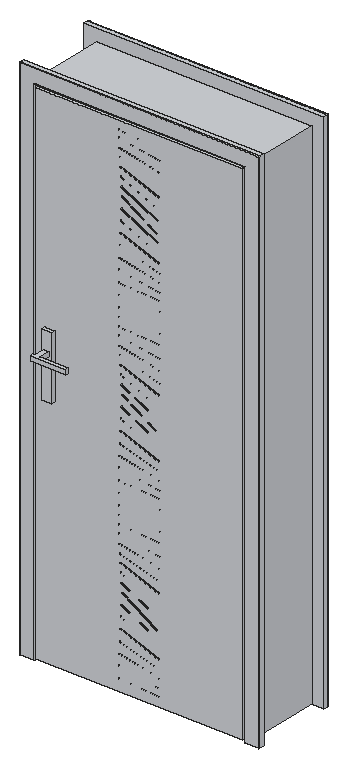
Revit family "PortaVECTORbp_F", category Drzwi, Revit 2016
Family settings
  Obiekt nadrzędny = Ściana
  Zawsze pionowo = Tak
  Tnij formami wycięć po wczytaniu = Nie
  Współdzielony = Nie
  Punkt obliczania pomieszczeń = Nie
Parameters (values of type "PN 80")
  Zakres szerokości muru [instance] = if(and(Szerokość ściany > 94 mm, Szerokość ściany < 120 mm), "B", (if(and(Szerokość ściany > 119 mm, Szerokość ściany < 140 mm), "C", (if(and(Szerokość ściany > 139 mm, Szerokość ściany < 160 mm), "D", (if(and(Szerokość ściany > 159 mm, Szerokość ściany < 180 mm), "E", (if(and(Szerokość ściany > 179 mm, Szerokość ściany < 200 mm), "F", (if(and(Szerokość ściany > 199 mm, Szerokość ściany < 220 mm), "G", (if(and(Szerokość ściany > 219 mm, Szerokość ściany < 240 mm), "H", (if(and(Szerokość ściany > 239 mm, Szerokość ściany < 260 mm), "I", (if(and(Szerokość ściany > 259 mm, Szerokość ściany < 280 mm), "J", (if(and(Szerokość ściany > 279 mm, Szerokość ściany < 301 mm), "K", "BRAK")))))))))))))))))))  # "K"
  Wysokość brutto = 2060 mm
  Szerokość ściany [instance] = 300 mm
  Szerokość brutto = 880 mm
  Model = "Porta Vector F"
  Konstrukcja analityczna = "<Brak>"
  Funkcja = Wewnętrzna
  URL = "www.porta.com.pl"
  Ss = 818 mm
  Sb = 846 mm
  Producent = "PORTA KMI POLAND"
  Keynote = ""
  Opis = "Własność Porta KMI Poland, wszelkie prawa zastrzeżone."  # constant formula
  Wysokość = 2016 mm
  Zakończenie ściany = Wg obiektu nadrzędnego
  Szerokość = 800 mm
  Materiał_skrzydło [instance] = none
  Materiał_ościeżnica [instance] = none
  Materiał_klamka [instance] = none
  Hs = 2017 mm
Types (5, lengths in mm): name | Szerokość brutto | Ss | Sb | Szerokość
  PN 70 | 780 | 718 | 746 | 700
  PN 60 | 680 | 618 | 646 | 600
  PN 80 | 880 | 818 | 846 | 800
  PN 90 | 980 | 918 | 946 | 900
  PN 100 | 1080 | 1018 | 1046 | 1000
Reference planes
  plane 1: y = 0
  plane 2 "Środek (Lewa/Prawa)": x = 0
  plane 3 "Lewy": x = -440
  plane 4 "Prawy": x = 440
  plane 5: z = 2060
  plane 6 "Zewnętrzna": y = 150
  plane 7 "Wewnętrzna": y = -150
  plane 8 "skrzydło": y = -129
Forms (mm)
  Sweep 1, solid, material <- "Materiał_ościeżnica"
    path in 3D
      loop
        line (-440, -150, 0) -> (-440, -150, 2060) -> (440, -150, 2060) -> (440, -150, 0)
    profile origin (-440, -150, 1030) x (0, -1, 0) y (1, 0, 0)
      loop
        line (-24, 39) -> (-72, 39) -> (-72, 17) -> (0, 17) -> (0, -33) -> (16, -33)
        arc (16, -33) -> (18.121, -32.121) -> (19, -30) r 3
        line (19, -30) -> (19, 24)
        arc (19, 24) -> (18.121, 26.121) -> (16, 27) r 3
        line (16, 27) -> (-24, 27) -> (-24, 39)
  Sweep 2, solid, material <- "Materiał_ościeżnica"
    path in 3D
      loop
        line (440, 150, 0) -> (440, 150, 2060) -> (-440, 150, 2060) -> (-440, 150, 0)
    profile origin (-440, 150, 1030) x (1, 0, 0) y (0, 1, 0)
      loop
        line (-33, 0) -> (17, 0) -> (17, -228) -> (39, -228) -> (39, -1)
        arc (39, -1) -> (37.536, 2.536) -> (34, 4) r 5
        line (34, 4) -> (25, 4) -> (25, 16)
        arc (25, 16) -> (24.121, 18.121) -> (22, 19) r 3
        line (22, 19) -> (-30, 19)
        arc (-30, 19) -> (-32.121, 18.121) -> (-33, 16) r 3
        line (-33, 16) -> (-33, 0)
  Sweep 3, solid, not visible
    path in 3D
      loop
        line (-440, -150, 0) -> (-440, -150, 2060)
    profile origin (-440, -150, 1030) x (0, -1, 0) y (1, 0, 0)
      loop
        line (-151, 17) -> (-149, 17) -> (-149, 19) -> (-151, 19) -> (-151, 17)
Cuts and joins
  joined: Sweep 1, Sweep 2
Lines and regions (mm)
  Opening 1
    outline origin (-3050, -150, 0) x (1, 0, 0) y (0, 0, 1)
      loop
        line (2610, 0) -> (3490, 0) -> (3490, 2060) -> (2610, 2060) -> (2610, 0)
  sketch lines
    curve 1: line (-440, -150, 0) -> (-440, -150, 2060)
    curve 2: line (-440, -150, 2060) -> (440, -150, 2060)
    curve 3: line (440, -150, 2060) -> (440, -150, 0)
    curve 4: line (-440, 150, 2060) -> (-440, 150, 0)
    curve 5: line (440, 150, 2060) -> (-440, 150, 2060)
    curve 6: line (440, 150, 0) -> (440, 150, 2060)
    curve 12: line (-440, -150, 0) -> (-440, -150, 2060)
  symbolic lines, style "DoorsPanelProjection"
    curve 7: line (409, -150, 0) -> (409, -968, 0)
    curve 8: line (409, -968, 0) -> (369, -968, 0)
    curve 9: line (369, -968, 0) -> (369, -150, 0)
    curve 10: line (369, -150, 0) -> (409, -150, 0)
  symbolic lines, style "Ugięcie rzutu"
    curve 11: arc (-409, -150, 0) -> (-169.413, -728.413, 0) -> (409, -968, 0) r 818
Text (mm)
  text "Zewnętrzna" at (-2295.016, 1099.543, 0), in view "Poziom odniesienia"
  text "Zewnętrzna" at (0, 1615.38, 3698.081), in view "Lewy"
  text "Zewnętrzna" at (0, 1036.032, 3874.932), in view "Prawy"
Dimensions and locks
  equal spacing: plane 3 "Lewy", plane 2 "Środek (Lewa/Prawa)", plane 4 "Prawy"
  "Szerokość brutto": plane 3 "Lewy" to plane 4 "Prawy"
  "Wysokość brutto": plane 5 to host wall
  host wall to plane 5 = 2060 mm  (x2)
  locked: plane 6 "Zewnętrzna" to host wall at 0
  locked: plane 7 "Wewnętrzna" to host wall
  "Sb": Sweep 1 to Sweep 1
  locked: Sweep 1 sketch curve to Sweep 1 sketch curve at 22
  Sweep 1 sketch curve to Sweep 1 sketch curve = 50 mm
  locked: Sweep 1 sketch curve to profile plane at 72
  locked: Sweep 2 sketch curve to Sweep 2 sketch curve at 50
  locked: Sweep 2 sketch curve to Sweep 2 sketch curve at 22
  locked: Sweep 2 sketch curve to plane 6 "Zewnętrzna" at 1
  locked: curve 9 to curve 7 at 40
  "Ss": curve 8 to curve 10
  equal spacing: curve 11, plane 2 "Środek (Lewa/Prawa)", curve 7
  locked: plane 7 "Wewnętrzna" to plane 8 "skrzydło" at 21
  locked: host wall to Sweep 3 sketch curve at 1
  locked: Sweep 3 sketch curve to host wall at 1
  locked: Sweep 3 sketch curve to plane 6 "Zewnętrzna" at 151
  locked: plane 7 "Wewnętrzna" to Sweep 3 sketch curve at 151
  nested 1 to plane 2 "Środek (Lewa/Prawa)" to nested 1 = 409 mm, 409 mm
  locked: nested 1 to level at 8
  "Szerokość ściany": host wall to host wall
  aligned and locked: plane 3 "Lewy" to Opening 1 sketch curve
  aligned and locked: plane 5 to Opening 1 sketch curve  (x2)
  aligned and locked: Opening 1 sketch curve to plane 4 "Prawy"
  aligned and locked: Opening 1 sketch curve to level
  aligned and locked: plane 1 to host wall
  aligned and locked: Sweep 1 to Sweep 2 sketch curve
  aligned and locked: plane 7 "Wewnętrzna" to curve 10
  aligned and locked: Sweep 3 sketch curve to cut or joined group of Sweep 1, Sweep 2
  aligned and locked: Sweep 2 sketch curve to cut or joined group of Sweep 1, Sweep 2
  aligned and locked: nested 1 to plane 8 "skrzydło"
  aligned and locked: plane 2 "Środek (Lewa/Prawa)" to nested 1
Automatic sketch dimensions
  profile plane to Sweep 1 sketch curve = 24 mm
  Sweep 1 sketch curve to profile plane = 16 mm  (x2)
  Sweep 1 sketch curve to Sweep 1 sketch curve = 3 mm
  profile plane to Sweep 1 sketch curve = 17 mm
  Sweep 1 sketch curve to Sweep 1 sketch curve = 7 mm
  Sweep 1 sketch curve to profile plane = 0 mm
  Sweep 2 sketch curve to profile plane = 0 mm
  Sweep 2 sketch curve to profile plane = 16 mm
  Sweep 2 sketch curve to Sweep 2 sketch curve = 3 mm
  Sweep 2 sketch curve to Sweep 2 sketch curve = 5 mm
  Sweep 2 sketch curve to profile plane = 4 mm
  Sweep 2 sketch curve to Sweep 2 sketch curve = 8 mm
  curve 11 to host wall = 0 mm
  Sweep 3 sketch curve to Sweep 3 sketch curve = 2 mm
Nested families
  nested 1: "skrzydło" at (0, -135.5, 0), Materiał_klamka <- "Materiał_klamka", Materiał_skrzydło <- "Materiał_skrzydło", type "skrzydło"
    with Materiał_skrzydło none, Materiał_klamka none, Ss 818 mm
Definition of nested family "skrzydło"
  Parameters
    Ss = 918 mm
    Materiał_skrzydło [instance] = none
    Materiał_klamka [instance] = none
    Hs = 2017 mm
  Reference planes
    plane 1 "Tył": y = 6.5
    plane 2: z = 0
    plane 3 "Środek (Lewa/Prawa)": x = 0
    plane 4 "Przód": y = -33.5
    plane 5: z = 2025
    plane 6 "Centrum": y = -13.5
    plane 7: z = 8
    plane 8: x = -459
    plane 9: x = 459
  Forms (mm)
    Extrusion 1, solid, material <- "Materiał_skrzydło"
      sketch origin (-1191.728, -1524, 8) x (-1, 0, 0) y (0, -1, 0)
        loop
          line (-1650.728, -1490.5) -> (-1650.728, -1530.5) -> (-732.728, -1530.5) -> (-732.728, -1490.5) -> (-1650.728, -1490.5)
      from 0 to 2017
    Extrusion 2, void
      sketch origin (-2050.117, -33.5, 1200) x (1, 0, 0) y (0, 0, 1)
        loop
          line (2132.202, -1155.88) -> (1968.584, -1144.681) -> (1968.311, -1148.671) -> (2131.929, -1159.87) -> (2132.202, -1155.88)
        loop
          line (2131.871, -1122.557) -> (1969.454, -1100.29) -> (1968.911, -1104.253) -> (2131.328, -1126.52) -> (2131.871, -1122.557)
        loop
          line (2131.138, -1089.198) -> (1970.718, -1055.973) -> (1969.907, -1059.889) -> (2130.327, -1093.115) -> (2131.138, -1089.198)
        loop
          line (2130.016, -1055.777) -> (1972.37, -1011.753) -> (1971.294, -1015.606) -> (2128.94, -1059.629) -> (2130.016, -1055.777)
        loop
          line (2128.504, -1022.266) -> (1974.402, -967.66) -> (1973.066, -971.43) -> (2127.168, -1026.037) -> (2128.504, -1022.266)
        loop
          line (2126.615, -988.641) -> (1976.8, -923.718) -> (1975.21, -927.388) -> (2125.024, -992.312) -> (2126.615, -988.641)
        loop
          line (2124.348, -954.875) -> (1979.563, -879.951) -> (1977.725, -883.504) -> (2122.51, -958.427) -> (2124.348, -954.875)
        loop
          line (2121.727, -920.943) -> (1982.669, -836.384) -> (1980.591, -839.802) -> (2119.648, -924.361) -> (2121.727, -920.943)
        loop
          line (2124.348, -877.107) -> (1979.563, -802.183) -> (1977.725, -805.736) -> (2122.51, -880.659) -> (2124.348, -877.107)
        loop
          line (2126.615, -833.104) -> (1976.8, -768.181) -> (1975.21, -771.851) -> (2125.024, -836.775) -> (2126.615, -833.104)
        loop
          line (2128.504, -788.962) -> (1974.402, -734.355) -> (1973.066, -738.126) -> (2127.168, -792.732) -> (2128.504, -788.962)
        loop
          line (2130.016, -744.704) -> (1972.37, -700.68) -> (1971.294, -704.533) -> (2128.94, -748.556) -> (2130.016, -744.704)
        loop
          line (2131.138, -700.357) -> (1970.718, -667.131) -> (1969.907, -671.048) -> (2130.327, -704.273) -> (2131.138, -700.357)
        loop
          line (2131.871, -655.947) -> (1969.454, -633.68) -> (1968.911, -637.643) -> (2131.328, -659.91) -> (2131.871, -655.947)
        loop
          line (2132.202, -611.501) -> (1968.584, -600.302) -> (1968.311, -604.292) -> (2131.929, -615.491) -> (2132.202, -611.501)
        loop
          line (2132.131, -567.046) -> (1968.107, -566.969) -> (1968.105, -570.969) -> (2132.129, -571.046) -> (2132.131, -567.046)
        loop
          line (2131.664, -522.609) -> (1968.031, -533.655) -> (1968.301, -537.646) -> (2131.934, -526.6) -> (2131.664, -522.609)
        loop
          line (2132.131, -489.278) -> (1968.107, -489.201) -> (1968.105, -493.201) -> (2132.129, -493.278) -> (2132.131, -489.278)
        loop
          line (2132.202, -455.964) -> (1968.584, -444.765) -> (1968.311, -448.756) -> (2131.929, -459.954) -> (2132.202, -455.964)
        loop
          line (2131.871, -422.641) -> (1969.454, -400.375) -> (1968.911, -404.338) -> (2131.328, -426.604) -> (2131.871, -422.641)
        loop
          line (2131.138, -389.283) -> (1970.718, -356.057) -> (1969.907, -359.974) -> (2130.327, -393.2) -> (2131.138, -389.283)
        loop
          line (2130.016, -355.862) -> (1972.37, -311.838) -> (1971.294, -315.691) -> (2128.94, -359.714) -> (2130.016, -355.862)
        loop
          line (2128.504, -322.351) -> (1974.402, -267.745) -> (1973.066, -271.515) -> (2127.168, -326.121) -> (2128.504, -322.351)
        loop
          line (2126.615, -288.726) -> (1976.8, -223.803) -> (1975.21, -227.473) -> (2125.024, -292.396) -> (2126.615, -288.726)
        loop
          line (2124.348, -254.96) -> (1979.563, -180.036) -> (1977.725, -183.589) -> (2122.51, -258.512) -> (2124.348, -254.96)
        loop
          line (2121.727, -221.028) -> (1982.669, -136.468) -> (1980.591, -139.886) -> (2119.648, -224.445) -> (2121.727, -221.028)
        loop
          line (1979.563, -102.267) -> (1977.725, -105.82) -> (2122.51, -180.744) -> (2124.348, -177.191) -> (1979.563, -102.267)
        loop
          line (2126.615, -133.188) -> (1976.8, -68.265) -> (1975.21, -71.935) -> (2125.024, -136.859) -> (2126.615, -133.188)
        loop
          line (2128.504, -89.046) -> (1974.402, -34.44) -> (1973.066, -38.21) -> (2127.168, -92.816) -> (2128.504, -89.046)
        loop
          line (2130.016, -44.788) -> (1972.37, -0.765) -> (1971.294, -4.618) -> (2128.94, -48.641) -> (2130.016, -44.788)
        loop
          line (2131.138, -0.441) -> (1970.718, 32.785) -> (1969.907, 28.868) -> (2130.327, -4.358) -> (2131.138, -0.441)
        loop
          line (2131.871, 43.969) -> (1969.454, 66.236) -> (1968.911, 62.273) -> (2131.328, 40.006) -> (2131.871, 43.969)
        loop
          line (2132.202, 88.415) -> (1968.584, 99.614) -> (1968.311, 95.623) -> (2131.929, 84.425) -> (2132.202, 88.415)
        loop
          line (2132.131, 132.87) -> (1968.107, 132.946) -> (1968.105, 128.946) -> (2132.129, 128.87) -> (2132.131, 132.87)
        loop
          line (2131.664, 177.306) -> (1968.031, 166.26) -> (1968.301, 162.269) -> (2131.934, 173.315) -> (2131.664, 177.306)
        loop
          line (2132.131, 210.639) -> (1968.107, 210.715) -> (1968.105, 206.715) -> (2132.129, 206.639) -> (2132.131, 210.639)
        loop
          line (2132.202, 243.952) -> (1968.584, 255.151) -> (1968.311, 251.161) -> (2131.929, 239.962) -> (2132.202, 243.952)
        loop
          line (2131.871, 277.275) -> (1969.454, 299.541) -> (1968.911, 295.578) -> (2131.328, 273.312) -> (2131.871, 277.275)
        loop
          line (2131.138, 310.633) -> (1970.718, 343.859) -> (1969.907, 339.942) -> (2130.327, 306.716) -> (2131.138, 310.633)
        loop
          line (2130.016, 344.054) -> (1972.37, 388.077) -> (1971.294, 384.224) -> (2128.94, 340.201) -> (2130.016, 344.054)
        loop
          line (2128.504, 377.565) -> (1974.402, 432.171) -> (1973.066, 428.401) -> (2127.168, 373.795) -> (2128.504, 377.565)
        loop
          line (2126.615, 411.19) -> (1976.8, 476.113) -> (1975.21, 472.443) -> (2125.024, 407.52) -> (2126.615, 411.19)
        loop
          line (2124.348, 444.957) -> (1979.563, 519.88) -> (1977.725, 516.328) -> (2122.51, 441.404) -> (2124.348, 444.957)
        loop
          line (2121.727, 478.888) -> (1982.669, 563.447) -> (1980.591, 560.03) -> (2119.648, 475.47) -> (2121.727, 478.888)
        loop
          line (2124.348, 522.724) -> (1979.563, 597.648) -> (1977.725, 594.095) -> (2122.51, 519.172) -> (2124.348, 522.724)
        loop
          line (2126.615, 566.726) -> (1976.8, 631.65) -> (1975.21, 627.979) -> (2125.024, 563.056) -> (2126.615, 566.726)
        loop
          line (2128.504, 610.869) -> (1974.402, 665.476) -> (1973.066, 661.705) -> (2127.168, 607.099) -> (2128.504, 610.869)
        loop
          line (2130.016, 655.128) -> (1972.37, 699.152) -> (1971.294, 695.299) -> (2128.94, 651.276) -> (2130.016, 655.128)
        loop
          line (2131.138, 699.475) -> (1970.718, 732.701) -> (1969.907, 728.784) -> (2130.327, 695.558) -> (2131.138, 699.475)
        loop
          line (2131.871, 743.885) -> (1969.454, 766.152) -> (1968.911, 762.189) -> (2131.328, 739.922) -> (2131.871, 743.885)
        loop
          line (2131.929, 784.34) -> (1968.311, 795.539) -> (1968.037, 791.548) -> (2131.656, 780.349) -> (2131.929, 784.34)
      from -1 to 10
    Extrusion 3, void
      sketch origin (-2050.117, 6.5, 1200) x (1, 0, 0) y (0, 0, -1)
        loop
          line (2132.202, 1155.88) -> (2131.929, 1159.87) -> (1968.311, 1148.671) -> (1968.584, 1144.681) -> (2132.202, 1155.88)
        loop
          line (2131.871, 1122.557) -> (2131.328, 1126.52) -> (1968.911, 1104.253) -> (1969.454, 1100.29) -> (2131.871, 1122.557)
        loop
          line (2131.138, 1089.198) -> (2130.327, 1093.115) -> (1969.907, 1059.889) -> (1970.718, 1055.973) -> (2131.138, 1089.198)
        loop
          line (2130.016, 1055.777) -> (2128.94, 1059.629) -> (1971.294, 1015.606) -> (1972.37, 1011.753) -> (2130.016, 1055.777)
        loop
          line (2128.504, 1022.266) -> (2127.168, 1026.037) -> (1973.066, 971.43) -> (1974.402, 967.66) -> (2128.504, 1022.266)
        loop
          line (2126.615, 988.641) -> (2125.024, 992.312) -> (1975.21, 927.388) -> (1976.8, 923.718) -> (2126.615, 988.641)
        loop
          line (2124.348, 954.875) -> (2122.51, 958.427) -> (1977.725, 883.504) -> (1979.563, 879.951) -> (2124.348, 954.875)
        loop
          line (2121.727, 920.943) -> (2119.648, 924.361) -> (1980.591, 839.802) -> (1982.669, 836.384) -> (2121.727, 920.943)
        loop
          line (2124.348, 877.107) -> (2122.51, 880.659) -> (1977.725, 805.736) -> (1979.563, 802.183) -> (2124.348, 877.107)
        loop
          line (2126.615, 833.104) -> (2125.024, 836.775) -> (1975.21, 771.851) -> (1976.8, 768.181) -> (2126.615, 833.104)
        loop
          line (2128.504, 788.962) -> (2127.168, 792.732) -> (1973.066, 738.126) -> (1974.402, 734.355) -> (2128.504, 788.962)
        loop
          line (2130.016, 744.704) -> (2128.94, 748.556) -> (1971.294, 704.533) -> (1972.37, 700.68) -> (2130.016, 744.704)
        loop
          line (2131.138, 700.357) -> (2130.327, 704.273) -> (1969.907, 671.048) -> (1970.718, 667.131) -> (2131.138, 700.357)
        loop
          line (2131.871, 655.947) -> (2131.328, 659.91) -> (1968.911, 637.643) -> (1969.454, 633.68) -> (2131.871, 655.947)
        loop
          line (2132.202, 611.501) -> (2131.929, 615.491) -> (1968.311, 604.292) -> (1968.584, 600.302) -> (2132.202, 611.501)
        loop
          line (2132.131, 567.046) -> (2132.129, 571.046) -> (1968.105, 570.969) -> (1968.107, 566.969) -> (2132.131, 567.046)
        loop
          line (2131.664, 522.609) -> (2131.934, 526.6) -> (1968.301, 537.646) -> (1968.031, 533.655) -> (2131.664, 522.609)
        loop
          line (2132.131, 489.278) -> (2132.129, 493.278) -> (1968.105, 493.201) -> (1968.107, 489.201) -> (2132.131, 489.278)
        loop
          line (2132.202, 455.964) -> (2131.929, 459.954) -> (1968.311, 448.756) -> (1968.584, 444.765) -> (2132.202, 455.964)
        loop
          line (2131.871, 422.641) -> (2131.328, 426.604) -> (1968.911, 404.338) -> (1969.454, 400.375) -> (2131.871, 422.641)
        loop
          line (2131.138, 389.283) -> (2130.327, 393.2) -> (1969.907, 359.974) -> (1970.718, 356.057) -> (2131.138, 389.283)
        loop
          line (2130.016, 355.862) -> (2128.94, 359.714) -> (1971.294, 315.691) -> (1972.37, 311.838) -> (2130.016, 355.862)
        loop
          line (2128.504, 322.351) -> (2127.168, 326.121) -> (1973.066, 271.515) -> (1974.402, 267.745) -> (2128.504, 322.351)
        loop
          line (2126.615, 288.726) -> (2125.024, 292.396) -> (1975.21, 227.473) -> (1976.8, 223.803) -> (2126.615, 288.726)
        loop
          line (2124.348, 254.96) -> (2122.51, 258.512) -> (1977.725, 183.589) -> (1979.563, 180.036) -> (2124.348, 254.96)
        loop
          line (2121.727, 221.028) -> (2119.648, 224.445) -> (1980.591, 139.886) -> (1982.669, 136.468) -> (2121.727, 221.028)
        loop
          line (1979.563, 102.267) -> (2124.348, 177.191) -> (2122.51, 180.744) -> (1977.725, 105.82) -> (1979.563, 102.267)
        loop
          line (2126.615, 133.188) -> (2125.024, 136.859) -> (1975.21, 71.935) -> (1976.8, 68.265) -> (2126.615, 133.188)
        loop
          line (2128.504, 89.046) -> (2127.168, 92.816) -> (1973.066, 38.21) -> (1974.402, 34.44) -> (2128.504, 89.046)
        loop
          line (2130.016, 44.788) -> (2128.94, 48.641) -> (1971.294, 4.618) -> (1972.37, 0.765) -> (2130.016, 44.788)
        loop
          line (2131.138, 0.441) -> (2130.327, 4.358) -> (1969.907, -28.868) -> (1970.718, -32.785) -> (2131.138, 0.441)
        loop
          line (2131.871, -43.969) -> (2131.328, -40.006) -> (1968.911, -62.273) -> (1969.454, -66.236) -> (2131.871, -43.969)
        loop
          line (2132.202, -88.415) -> (2131.929, -84.425) -> (1968.311, -95.623) -> (1968.584, -99.614) -> (2132.202, -88.415)
        loop
          line (2132.131, -132.87) -> (2132.129, -128.87) -> (1968.105, -128.946) -> (1968.107, -132.946) -> (2132.131, -132.87)
        loop
          line (2131.664, -177.306) -> (2131.934, -173.315) -> (1968.301, -162.269) -> (1968.031, -166.26) -> (2131.664, -177.306)
        loop
          line (2132.131, -210.639) -> (2132.129, -206.639) -> (1968.105, -206.715) -> (1968.107, -210.715) -> (2132.131, -210.639)
        loop
          line (2132.202, -243.952) -> (2131.929, -239.962) -> (1968.311, -251.161) -> (1968.584, -255.151) -> (2132.202, -243.952)
        loop
          line (2131.871, -277.275) -> (2131.328, -273.312) -> (1968.911, -295.578) -> (1969.454, -299.541) -> (2131.871, -277.275)
        loop
          line (2131.138, -310.633) -> (2130.327, -306.716) -> (1969.907, -339.942) -> (1970.718, -343.859) -> (2131.138, -310.633)
        loop
          line (2130.016, -344.054) -> (2128.94, -340.201) -> (1971.294, -384.224) -> (1972.37, -388.077) -> (2130.016, -344.054)
        loop
          line (2128.504, -377.565) -> (2127.168, -373.795) -> (1973.066, -428.401) -> (1974.402, -432.171) -> (2128.504, -377.565)
        loop
          line (2126.615, -411.19) -> (2125.024, -407.52) -> (1975.21, -472.443) -> (1976.8, -476.113) -> (2126.615, -411.19)
        loop
          line (2124.348, -444.957) -> (2122.51, -441.404) -> (1977.725, -516.328) -> (1979.563, -519.88) -> (2124.348, -444.957)
        loop
          line (2121.727, -478.888) -> (2119.648, -475.47) -> (1980.591, -560.03) -> (1982.669, -563.447) -> (2121.727, -478.888)
        loop
          line (2124.348, -522.724) -> (2122.51, -519.172) -> (1977.725, -594.095) -> (1979.563, -597.648) -> (2124.348, -522.724)
        loop
          line (2126.615, -566.726) -> (2125.024, -563.056) -> (1975.21, -627.979) -> (1976.8, -631.65) -> (2126.615, -566.726)
        loop
          line (2128.504, -610.869) -> (2127.168, -607.099) -> (1973.066, -661.705) -> (1974.402, -665.476) -> (2128.504, -610.869)
        loop
          line (2130.016, -655.128) -> (2128.94, -651.276) -> (1971.294, -695.299) -> (1972.37, -699.152) -> (2130.016, -655.128)
        loop
          line (2131.138, -699.475) -> (2130.327, -695.558) -> (1969.907, -728.784) -> (1970.718, -732.701) -> (2131.138, -699.475)
        loop
          line (2131.871, -743.885) -> (2131.328, -739.922) -> (1968.911, -762.189) -> (1969.454, -766.152) -> (2131.871, -743.885)
        loop
          line (2131.929, -784.34) -> (2131.656, -780.349) -> (1968.037, -791.548) -> (1968.311, -795.539) -> (2131.929, -784.34)
      from -1 to 10
  Cuts and joins
    Extrusion 2, Extrusion 3 cuts Extrusion 1
  Dimensions and locks
    locked: plane 7 to level at 8
    "Hs": plane 5 to plane 7
    locked: nested 1 to plane 7 at 934
    locked: plane 7 to nested 2 at 934
    equal spacing: plane 4 "Przód", plane 6 "Centrum", plane 1 "Tył"
    equal spacing: plane 8, plane 3 "Środek (Lewa/Prawa)", plane 9
    "Ss": plane 8 to plane 9
    locked: plane 8 to nested 1 at 55
    locked: plane 8 to nested 2 at 55
    aligned and locked: nested 1 to plane 4 "Przód"
    aligned and locked: plane 5 to Extrusion 1
    aligned and locked: nested 2 to nested 1
    aligned and locked: Extrusion 1 sketch curve to plane 8
    aligned and locked: Extrusion 1 sketch curve to plane 9
  Automatic sketch dimensions
    plane 1 "Tył" to Extrusion 1 sketch curve = 0 mm
    Extrusion 1 sketch curve to plane 4 "Przód" = 0 mm
    Extrusion 2 sketch curve to plane 3 "Środek (Lewa/Prawa)" = 82.086 mm  (x2)
    Extrusion 2 sketch curve to plane 5 = 33.452 mm
    Extrusion 2 sketch curve to plane 3 "Środek (Lewa/Prawa)" = 82.08 mm
    Extrusion 2 sketch curve to Extrusion 2 sketch curve = 0.074 mm  (x4)
    Extrusion 2 sketch curve to Extrusion 2 sketch curve = 0.002 mm  (x4)
    Extrusion 2 sketch curve to Extrusion 2 sketch curve = 0.269 mm  (x2)
    Extrusion 2 sketch curve to Extrusion 2 sketch curve = 0.205 mm  (x2)
    Extrusion 2 sketch curve to Extrusion 2 sketch curve = 0.203 mm  (x2)
    Extrusion 2 sketch curve to plane 5 = 29.461 mm
    Extrusion 2 sketch curve to Extrusion 2 sketch curve = 0.273 mm  (x6)
    Extrusion 2 sketch curve to plane 3 "Środek (Lewa/Prawa)" = 81.807 mm
    plane 7 to Extrusion 2 sketch curve = 47.319 mm
    Extrusion 2 sketch curve to Extrusion 2 sketch curve = 0.327 mm  (x3)
    Extrusion 2 sketch curve to Extrusion 2 sketch curve = 0.601 mm  (x5)
    Extrusion 2 sketch curve to Extrusion 2 sketch curve = 0.874 mm
    Extrusion 2 sketch curve to Extrusion 2 sketch curve = 0.543 mm  (x6)
    Extrusion 2 sketch curve to plane 5 = 58.848 mm
    Extrusion 2 sketch curve to Extrusion 2 sketch curve = 0.453 mm  (x3)
    Extrusion 2 sketch curve to Extrusion 2 sketch curve = 0.996 mm  (x3)
    Extrusion 2 sketch curve to Extrusion 2 sketch curve = 0.811 mm  (x6)
    Extrusion 2 sketch curve to Extrusion 2 sketch curve = 1.387 mm  (x6)
    Extrusion 2 sketch curve to Extrusion 2 sketch curve = 0.575 mm  (x3)
    Extrusion 2 sketch curve to Extrusion 2 sketch curve = 1.076 mm  (x6)
    Extrusion 2 sketch curve to Extrusion 2 sketch curve = 1.772 mm  (x6)
    Extrusion 2 sketch curve to Extrusion 2 sketch curve = 0.697 mm  (x3)
    Extrusion 2 sketch curve to Extrusion 2 sketch curve = 1.336 mm  (x6)
    Extrusion 2 sketch curve to Extrusion 2 sketch curve = 2.144 mm  (x6)
    Extrusion 2 sketch curve to Extrusion 2 sketch curve = 0.808 mm  (x3)
    Extrusion 2 sketch curve to Extrusion 2 sketch curve = 1.591 mm  (x6)
    Extrusion 2 sketch curve to Extrusion 2 sketch curve = 0.924 mm  (x3)
    Extrusion 2 sketch curve to Extrusion 2 sketch curve = 2.515 mm  (x6)
    Extrusion 2 sketch curve to Extrusion 2 sketch curve = 1.838 mm  (x6)
    Extrusion 2 sketch curve to Extrusion 2 sketch curve = 2.866 mm  (x3)
    Extrusion 2 sketch curve to Extrusion 2 sketch curve = 2.078 mm  (x3)
    plane 3 "Środek (Lewa/Prawa)" to Extrusion 2 sketch curve = 69.531 mm  (x3)
    Extrusion 2 sketch curve to Extrusion 2 sketch curve = 0.783 mm  (x3)
    Extrusion 2 sketch curve to Extrusion 2 sketch curve = 2.861 mm  (x3)
    Extrusion 2 sketch curve to Extrusion 2 sketch curve = 0.676 mm  (x3)
    Extrusion 2 sketch curve to Extrusion 2 sketch curve = 0.553 mm  (x3)
    Extrusion 2 sketch curve to Extrusion 2 sketch curve = 0.436 mm  (x3)
    Extrusion 2 sketch curve to Extrusion 2 sketch curve = 0.311 mm  (x3)
    Extrusion 2 sketch curve to Extrusion 2 sketch curve = 1.001 mm  (x3)
    Extrusion 2 sketch curve to Extrusion 2 sketch curve = 0.19 mm  (x3)
    Extrusion 2 sketch curve to plane 5 = 44.651 mm
    plane 3 "Środek (Lewa/Prawa)" to Extrusion 2 sketch curve = 81.547 mm  (x2)
    Extrusion 2 sketch curve to Extrusion 2 sketch curve = 0.057 mm  (x2)
    Extrusion 2 sketch curve to Extrusion 2 sketch curve = 0.465 mm  (x2)
    Extrusion 2 sketch curve to Extrusion 2 sketch curve = 0.073 mm  (x2)
    Extrusion 2 sketch curve to Extrusion 2 sketch curve = 3.991 mm  (x7)
    Extrusion 2 sketch curve to Extrusion 2 sketch curve = 29.36 mm  (x2)
    Extrusion 2 sketch curve to Extrusion 2 sketch curve = 3.963 mm  (x5)
    Extrusion 2 sketch curve to Extrusion 2 sketch curve = 29.442 mm  (x3)
    Extrusion 2 sketch curve to Extrusion 2 sketch curve = 3.917 mm  (x6)
    Extrusion 2 sketch curve to Extrusion 2 sketch curve = 29.569 mm  (x2)
    Extrusion 2 sketch curve to Extrusion 2 sketch curve = 3.853 mm  (x6)
    Extrusion 2 sketch curve to Extrusion 2 sketch curve = 29.74 mm  (x2)
    Extrusion 2 sketch curve to Extrusion 2 sketch curve = 3.77 mm  (x6)
    Extrusion 2 sketch curve to Extrusion 2 sketch curve = 29.955 mm  (x3)
    Extrusion 2 sketch curve to Extrusion 2 sketch curve = 3.67 mm  (x6)
    Extrusion 2 sketch curve to Extrusion 2 sketch curve = 30.214 mm  (x3)
    Extrusion 2 sketch curve to Extrusion 2 sketch curve = 3.553 mm  (x6)
    Extrusion 2 sketch curve to Extrusion 2 sketch curve = 30.514 mm  (x3)
    Extrusion 2 sketch curve to Extrusion 2 sketch curve = 3.418 mm  (x3)
    Extrusion 2 sketch curve to Extrusion 2 sketch curve = 40.284 mm  (x3)
    Extrusion 2 sketch curve to Extrusion 2 sketch curve = 40.332 mm  (x3)
    Extrusion 2 sketch curve to Extrusion 2 sketch curve = 40.373 mm  (x2)
    Extrusion 2 sketch curve to Extrusion 2 sketch curve = 40.405 mm  (x2)
    Extrusion 2 sketch curve to Extrusion 2 sketch curve = 40.43 mm  (x2)
    Extrusion 2 sketch curve to Extrusion 2 sketch curve = 40.447 mm  (x2)
    Extrusion 2 sketch curve to Extrusion 2 sketch curve = 40.455 mm  (x5)
    Extrusion 2 sketch curve to Extrusion 2 sketch curve = 29.333 mm
    Extrusion 2 sketch curve to Extrusion 2 sketch curve = 29.323 mm  (x4)
    Extrusion 2 sketch curve to Extrusion 2 sketch curve = 29.332 mm  (x3)
    Extrusion 2 sketch curve to Extrusion 2 sketch curve = 40.454 mm
    Extrusion 2 sketch curve to Extrusion 2 sketch curve = 40.372 mm
    Extrusion 2 sketch curve to Extrusion 2 sketch curve = 40.431 mm
    Extrusion 2 sketch curve to Extrusion 2 sketch curve = 29.359 mm
    Extrusion 2 sketch curve to Extrusion 2 sketch curve = 29.568 mm
    Extrusion 2 sketch curve to Extrusion 2 sketch curve = 29.741 mm
    Extrusion 2 sketch curve to Extrusion 2 sketch curve = 40.406 mm
    Extrusion 2 sketch curve to Extrusion 2 sketch curve = 40.427 mm
    Extrusion 3 sketch curve to plane 3 "Środek (Lewa/Prawa)" = 82.086 mm  (x2)
    Extrusion 3 sketch curve to plane 5 = 33.452 mm
    Extrusion 3 sketch curve to plane 3 "Środek (Lewa/Prawa)" = 82.08 mm
    Extrusion 3 sketch curve to Extrusion 3 sketch curve = 0.074 mm  (x4)
    Extrusion 3 sketch curve to Extrusion 3 sketch curve = 0.002 mm  (x4)
    Extrusion 3 sketch curve to Extrusion 3 sketch curve = 0.269 mm  (x2)
    Extrusion 3 sketch curve to Extrusion 3 sketch curve = 0.205 mm  (x2)
    Extrusion 3 sketch curve to Extrusion 3 sketch curve = 0.203 mm  (x2)
    Extrusion 3 sketch curve to plane 5 = 29.461 mm
    Extrusion 3 sketch curve to Extrusion 3 sketch curve = 0.273 mm  (x6)
    Extrusion 3 sketch curve to plane 3 "Środek (Lewa/Prawa)" = 81.807 mm
    plane 7 to Extrusion 3 sketch curve = 47.319 mm
    Extrusion 3 sketch curve to Extrusion 3 sketch curve = 0.327 mm  (x3)
    Extrusion 3 sketch curve to Extrusion 3 sketch curve = 0.601 mm  (x5)
    Extrusion 3 sketch curve to Extrusion 3 sketch curve = 0.874 mm
    Extrusion 3 sketch curve to Extrusion 3 sketch curve = 0.543 mm  (x6)
    Extrusion 3 sketch curve to plane 5 = 58.848 mm
    Extrusion 3 sketch curve to Extrusion 3 sketch curve = 0.453 mm  (x3)
    Extrusion 3 sketch curve to Extrusion 3 sketch curve = 0.996 mm  (x3)
    Extrusion 3 sketch curve to Extrusion 3 sketch curve = 0.811 mm  (x6)
    Extrusion 3 sketch curve to Extrusion 3 sketch curve = 1.387 mm  (x6)
    Extrusion 3 sketch curve to Extrusion 3 sketch curve = 0.575 mm  (x3)
    Extrusion 3 sketch curve to Extrusion 3 sketch curve = 1.076 mm  (x6)
    Extrusion 3 sketch curve to Extrusion 3 sketch curve = 1.772 mm  (x6)
    Extrusion 3 sketch curve to Extrusion 3 sketch curve = 0.697 mm  (x3)
    Extrusion 3 sketch curve to Extrusion 3 sketch curve = 1.336 mm  (x6)
    Extrusion 3 sketch curve to Extrusion 3 sketch curve = 2.144 mm  (x6)
    Extrusion 3 sketch curve to Extrusion 3 sketch curve = 0.808 mm  (x3)
    Extrusion 3 sketch curve to Extrusion 3 sketch curve = 1.591 mm  (x6)
    Extrusion 3 sketch curve to Extrusion 3 sketch curve = 0.924 mm  (x3)
    Extrusion 3 sketch curve to Extrusion 3 sketch curve = 2.515 mm  (x6)
    Extrusion 3 sketch curve to Extrusion 3 sketch curve = 1.838 mm  (x6)
    Extrusion 3 sketch curve to Extrusion 3 sketch curve = 2.866 mm  (x3)
    Extrusion 3 sketch curve to Extrusion 3 sketch curve = 2.078 mm  (x3)
    plane 3 "Środek (Lewa/Prawa)" to Extrusion 3 sketch curve = 69.531 mm  (x3)
    Extrusion 3 sketch curve to Extrusion 3 sketch curve = 0.783 mm  (x3)
    Extrusion 3 sketch curve to Extrusion 3 sketch curve = 2.861 mm  (x3)
    Extrusion 3 sketch curve to Extrusion 3 sketch curve = 0.676 mm  (x3)
    Extrusion 3 sketch curve to Extrusion 3 sketch curve = 0.553 mm  (x3)
    Extrusion 3 sketch curve to Extrusion 3 sketch curve = 0.436 mm  (x3)
    Extrusion 3 sketch curve to Extrusion 3 sketch curve = 0.311 mm  (x3)
    Extrusion 3 sketch curve to Extrusion 3 sketch curve = 1.001 mm  (x3)
    Extrusion 3 sketch curve to Extrusion 3 sketch curve = 0.19 mm  (x3)
    Extrusion 3 sketch curve to plane 5 = 44.651 mm
    plane 3 "Środek (Lewa/Prawa)" to Extrusion 3 sketch curve = 81.547 mm  (x2)
    Extrusion 3 sketch curve to Extrusion 3 sketch curve = 0.057 mm  (x2)
    Extrusion 3 sketch curve to Extrusion 3 sketch curve = 0.465 mm  (x2)
    Extrusion 3 sketch curve to Extrusion 3 sketch curve = 0.073 mm  (x2)
    Extrusion 3 sketch curve to Extrusion 3 sketch curve = 3.963 mm  (x6)
    Extrusion 3 sketch curve to Extrusion 3 sketch curve = 29.488 mm  (x3)
    Extrusion 3 sketch curve to Extrusion 3 sketch curve = 3.917 mm  (x6)
    Extrusion 3 sketch curve to Extrusion 3 sketch curve = 29.632 mm
    Extrusion 3 sketch curve to Extrusion 3 sketch curve = 3.853 mm  (x6)
    Extrusion 3 sketch curve to Extrusion 3 sketch curve = 29.823 mm  (x2)
    Extrusion 3 sketch curve to Extrusion 3 sketch curve = 3.77 mm  (x6)
    Extrusion 3 sketch curve to Extrusion 3 sketch curve = 30.056 mm  (x2)
    Extrusion 3 sketch curve to Extrusion 3 sketch curve = 3.67 mm  (x6)
    Extrusion 3 sketch curve to Extrusion 3 sketch curve = 30.331 mm
    Extrusion 3 sketch curve to Extrusion 3 sketch curve = 3.553 mm  (x6)
    Extrusion 3 sketch curve to Extrusion 3 sketch curve = 30.648 mm  (x2)
    Extrusion 3 sketch curve to Extrusion 3 sketch curve = 3.418 mm  (x3)
    Extrusion 3 sketch curve to Extrusion 3 sketch curve = 40.149 mm
    Extrusion 3 sketch curve to Extrusion 3 sketch curve = 40.214 mm  (x2)
    Extrusion 3 sketch curve to Extrusion 3 sketch curve = 40.272 mm  (x3)
    Extrusion 3 sketch curve to Extrusion 3 sketch curve = 40.324 mm
    Extrusion 3 sketch curve to Extrusion 3 sketch curve = 40.366 mm  (x2)
    Extrusion 3 sketch curve to Extrusion 3 sketch curve = 40.401 mm  (x3)
    Extrusion 3 sketch curve to Extrusion 3 sketch curve = 40.427 mm
    Extrusion 3 sketch curve to Extrusion 3 sketch curve = 3.991 mm  (x7)
    Extrusion 3 sketch curve to Extrusion 3 sketch curve = 40.445 mm  (x2)
    Extrusion 3 sketch curve to Extrusion 3 sketch curve = 29.323 mm  (x4)
    Extrusion 3 sketch curve to Extrusion 3 sketch curve = 29.332 mm  (x3)
    Extrusion 3 sketch curve to Extrusion 3 sketch curve = 40.446 mm  (x2)
    Extrusion 3 sketch curve to Extrusion 3 sketch curve = 29.387 mm
    Extrusion 3 sketch curve to Extrusion 3 sketch curve = 29.633 mm  (x2)
    Extrusion 3 sketch curve to Extrusion 3 sketch curve = 29.822 mm
    Extrusion 3 sketch curve to Extrusion 3 sketch curve = 30.055 mm
    Extrusion 3 sketch curve to Extrusion 3 sketch curve = 30.332 mm  (x2)
    Extrusion 3 sketch curve to Extrusion 3 sketch curve = 30.649 mm
    Extrusion 3 sketch curve to Extrusion 3 sketch curve = 40.15 mm  (x2)
    Extrusion 3 sketch curve to Extrusion 3 sketch curve = 40.323 mm  (x2)
    Extrusion 3 sketch curve to Extrusion 3 sketch curve = 40.428 mm
    Extrusion 3 sketch curve to Extrusion 3 sketch curve = 29.333 mm
    Extrusion 3 sketch curve to Extrusion 3 sketch curve = 29.388 mm
    Extrusion 3 sketch curve to Extrusion 3 sketch curve = 40.215 mm
    Extrusion 3 sketch curve to Extrusion 3 sketch curve = 40.367 mm
  Nested families
    nested 1: "KLAMKA" at (-404, -33.5, 1067), Materiał klamki <- "Materiał_klamka", type "KLAMKA"
      with Materiał klamki none
    nested 2: "KLAMKA" at (-404, 6.5, 1067), Materiał klamki <- "Materiał_klamka", type "KLAMKA"
      with Materiał klamki none
  Definition of nested family "KLAMKA"
    Parameters
      Materiał klamki [instance] = none
      Assembly Code = ""
      Default Elevation = 1219.2 mm
    Reference planes
      plane 1 "Center (Front/Back)": y = 0
      plane 2: z = 0
      plane 3 "Center (Left/Right)": x = 0
      plane 4: z = 125
      plane 5: z = -125
      plane 6: x = 20
      plane 7: x = -20
      plane 8: y = -70
      plane 9: y = -60
      plane 10: x = 10
      plane 11: x = -10
      plane 12: x = 120
      plane 13: z = 35
      plane 14: z = 55
      plane 15: y = -15
    Forms (mm)
      Extrusion 1, solid, material <- "Materiał klamki"
        sketch origin (0, 0, 0) x (1, 0, 0) y (0, 0, 1)
          loop
            line (-20, 125) -> (-20, -125) -> (20, -125) -> (20, 125) -> (-20, 125)
        from 0 to 15
      Extrusion 2, solid, material <- "Materiał klamki"
        sketch origin (0, 0, 0) x (1, 0, 0) y (0, 1, 0)
          loop
            line (-10, -15) -> (-10, -60) -> (-20, -60) -> (-20, -70) -> (120, -70) -> (120, -60) -> (10, -60) -> (10, -15) -> (-10, -15)
        from 35 to 55
    Dimensions and locks
      equal spacing: plane 4, plane 2, plane 5
      plane 4 to plane 5 = 250 mm
      equal spacing: plane 7, plane 3 "Center (Left/Right)", plane 6
      plane 7 to plane 6 = 40 mm
      plane 8 to plane 1 "Center (Front/Back)" = 70 mm
      plane 11 to plane 3 "Center (Left/Right)" to plane 10 = 10 mm locked, 10 mm locked
      plane 7 to plane 12 = 140 mm
      plane 15 to plane 1 "Center (Front/Back)" = 15 mm
      aligned and locked: plane 7 to Extrusion 1 sketch curve
      aligned and locked: Extrusion 1 sketch curve to plane 4
      aligned and locked: plane 5 to Extrusion 1 sketch curve
      aligned and locked: Extrusion 1 sketch curve to plane 6
      aligned and locked: plane 15 to Extrusion 1
      aligned and locked: Extrusion 1 to plane 1 "Center (Front/Back)"
      aligned and locked: plane 14 to Extrusion 2
      aligned and locked: Extrusion 2 to plane 13
    Automatic sketch dimensions
      Extrusion 2 sketch curve to plane 7 = 0 mm
      Extrusion 2 sketch curve to plane 9 = 0 mm  (x2)
      Extrusion 2 sketch curve to plane 11 = 0 mm
      Extrusion 2 sketch curve to plane 10 = 0 mm
      Extrusion 2 sketch curve to plane 12 = 0 mm
      Extrusion 2 sketch curve to plane 8 = 0 mm
      Extrusion 2 sketch curve to plane 15 = 0 mm
